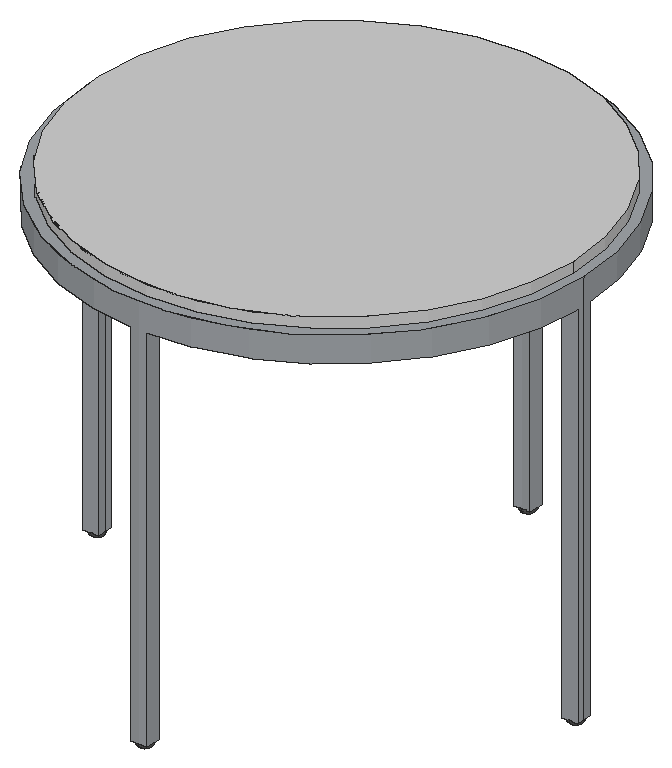
Revit family
Parameters
  URL = "http://www.martinbrattrud.com"
  Table Top [instance] = none
  SCS Certified Product = "Yes"
  Model = "Braemar 784-24CL"
  Manufacturer = "Martin Brattrud, Inc."
  Leg [instance] = none
  Keynote = "125000"
  Foot [instance] = none
  Copyright = "© 2013 Martin Brattrud, Inc."
  Authoring Version = "Revit Architecture 2010"
  Assembly Code = "E2020200"
Reference planes (in)
  plane 1 "Center Front/Back": y = 0
  plane 2: z = 0
  plane 3 "Center Left/Right": x = 0
  plane 4: z = 20
Forms (in)
  Extrusion 1, solid, material <- "Table Top"
    sketch origin (0, 0, 4) x (1, 0, 0) y (0, 1, 0)
      loop
        circle (0, 0) r 11.5
    from 15.5 to 16
  Extrusion 2, solid, material <- "Leg"
    sketch origin (0, 0, 4) x (1, 0, 0) y (0, 1, 0)
      loop
        circle (0, 0) r 12
      loop
        circle (0, 0) r 11.25
    from -3.75 to 15.5
  Extrusion 3, void
    sketch origin (0, 0, 4.25) x (1, 0, 0) y (0, 1, 0)
      loop
        line (-0.375, -12.31433) -> (-0.375, -0.375) -> (-12.74127, -0.375)
        arc (-12.74127, -0.375) -> (-9.95328, -9.86121) -> (-0.375, -12.31433) r 10
      loop
        arc (-0.375, 12.31433) -> (-9.95328, 9.86121) -> (-12.74127, 0.375) r 10
        line (-12.74127, 0.375) -> (-0.375, 0.375) -> (-0.375, 12.31433)
      loop
        arc (0.375, -12.31433) -> (9.95328, -9.86121) -> (12.74127, -0.375) r 10
        line (12.74127, -0.375) -> (0.375, -0.375) -> (0.375, -12.31433)
      loop
        line (0.375, 12.31433) -> (0.375, 0.375) -> (12.74127, 0.375)
        arc (12.74127, 0.375) -> (9.95328, 9.86121) -> (0.375, 12.31433) r 10
    from -4 to 14
  Revolve 4, solid, material <- "Foot"
    sketch origin (-11.99282, 0, 48) x (-1, 0, 0) y (0, 0, 1)
      loop
        line (-0.50027, -48) -> (-0.375, -48) -> (-0.375, -47.75) -> (-0.75, -47.75)
        arc (-0.75, -47.75) -> (-0.67687, -47.92668) -> (-0.50027, -48) r 0.25
      axis (-0.375, -48) -> (-0.375, -47.75)
    angle from 0 to 360
  Revolve 5, solid, material <- "Foot"
    sketch origin (11.99282, 0, 48) x (1, 0, 0) y (0, 0, -1)
      loop
        arc (-0.50027, 48) -> (-0.67687, 47.92668) -> (-0.75, 47.75) r 0.25
        line (-0.75, 47.75) -> (-0.375, 47.75) -> (-0.375, 48) -> (-0.50027, 48)
      axis (-0.375, 48) -> (-0.375, 47.75)
    angle from 0 to 360
  Revolve 6, solid, material <- "Foot"
    sketch origin (0, -11.99282, 48) x (0, -1, 0) y (0, 0, 1)
      loop
        line (-0.50027, -48) -> (-0.375, -48) -> (-0.375, -47.75) -> (-0.75, -47.75)
        arc (-0.75, -47.75) -> (-0.67687, -47.92668) -> (-0.50027, -48) r 0.25
      axis (-0.375, -48) -> (-0.375, -47.75)
    angle from 0 to 360
  Revolve 7, solid, material <- "Foot"
    sketch origin (0, 11.99282, 48) x (0, 1, 0) y (0, 0, -1)
      loop
        arc (-0.50027, 48) -> (-0.67687, 47.92668) -> (-0.75, 47.75) r 0.25
        line (-0.75, 47.75) -> (-0.375, 47.75) -> (-0.375, 48) -> (-0.50027, 48)
      axis (-0.375, 48) -> (-0.375, 47.75)
    angle from 0 to 360
Cuts and joins
  Extrusion 3 cuts Extrusion 2
  Extrusion 3 cuts Revolve 4
  Extrusion 3 cuts Revolve 5
  Extrusion 3 cuts Revolve 6
  Extrusion 3 cuts Revolve 7
